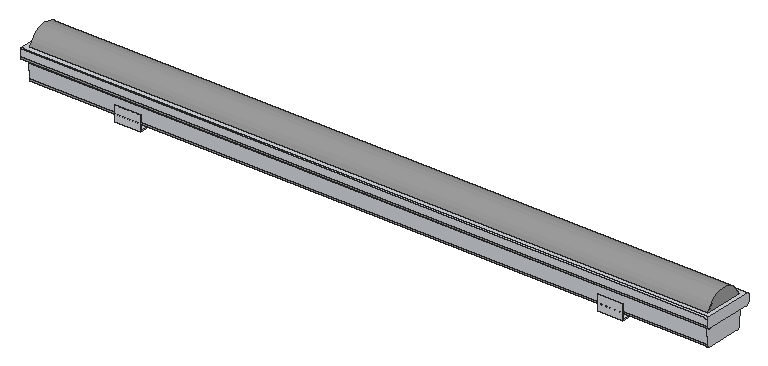
Revit family "0010233", category Lighting Fixtures, host Face, Revit 2017 (continued)
Types (60, lengths in mm): name | Weight | Wattage | TypeName | built-in parameter 1150134 | Photometric Web File | PowerFactor | PowerConsumption | NominalLength | Name | ModelReference | ModelNumber | Model | LuminousEfficacy | built-in parameter 1150105 | Lumens | LampNominalLuminous | LampMacAdamStep | LampColourTemperature | LENGHT_SYL | LENGHT_CHAMFER_SYL | LENGHT-_SYL | LENGHT-_CHAMFER_SYL | L0650_SYL | L1500_SYL | L1200_SYL | built-in parameter 1150107 | built-in parameter 1150106 | built-in parameter 1150104 | DocumentationLiterature | Description | BRACKET_WIDTH_SYL | BRACKET_DIST_SYL | Apparent Load
  0010215 RESISTO 1200 IP66 4800LM 840 QC | "1.61 kg" | 35 W | "Resisto  1200 IP66 4800lm 840 QC" | 12 | "0010215.ies" | 0.95 | "35 W" | 1212 | "Resisto  1200 IP66 4800lm 840 QC" | "Resisto  1200 IP66 4800lm 840 QC" | "0010215" | "Resisto  1200 IP66 4800lm 840 QC" | "137 lm/W" | 1583.6 (stored number, unit not read) | 4795 lm | "4800 lm" | "5" | "4000 K" | 592 | 600 | -592 | -600 | no | no | yes | 4000 (stored number, unit not read) | 15.836 (stored number, unit not read) | 12.728 (stored number, unit not read) | "http://www.sylvania-lighting.com/product/en-int/products/0010215" | "Resisto, integrated LED weatherproof luminaire, with UV stabilized flat diffuser designed to achieve uniform lit appearance, optimise light output and to reduce glare. 301 stainless steel diffuser clips and fixing brackets for surface mounting. Polycarbonate housing and diffuser - no yellow discolouration over time. 4800lm; 35W; 137lm/W; 4000K; SDCM<5; non dimmable; CRI80; IP66; IK08; Class I; 69,000hrs (L80B20) lifespan; 1200mm x 89mm x 88mm; D-mark; assembled with quick connector." | 400 | 444 | 35 VA
  0010214 RESISTO 1200 IP66 2800LM 840 QC | "1.57 kg" | 21 W | "Resisto  1200 IP66 2800lm 840 QC" | 12 | "0010214.ies" | 0.95 | "21 W" | 1212 | "Resisto  1200 IP66 2800lm 840 QC" | "Resisto  1200 IP66 2800lm 840 QC" | "0010214" | "Resisto  1200 IP66 2800lm 840 QC" | "133 lm/W" | 917.95 (stored number, unit not read) | 2793 lm | "2800 lm" | "5" | "4000 K" | 592 | 600 | -592 | -600 | no | no | yes | 4000 (stored number, unit not read) | 9.1795 (stored number, unit not read) | 12.356 (stored number, unit not read) | "http://www.sylvania-lighting.com/product/en-int/products/0010214" | "Resisto, integrated LED weatherproof luminaire, with UV stabilized flat diffuser designed to achieve uniform lit appearance, optimise light output and to reduce glare. 301 stainless steel diffuser clips and fixing brackets for surface mounting. Polycarbonate housing and diffuser - no yellow discolouration over time. 2800lm; 21W; 133lm/W; 4000K; SDCM<5; non dimmable; CRI80; IP66; IK08; Class I; 69,000hrs (L80B20) lifespan; 1200mm x 89mm x 88mm; D-mark; assembled with quick connector." | 400 | 444 | 21 VA
  0010213 RESISTO 1200 IP66 4800LM 865 | "1.54 kg" | 35 W | "Resisto  1200 IP66 4800lm 865" | 1 | "0010213.ies" | 0.95 | "35 W" | 1200 | "Resisto  1200 IP66 4800lm 865" | "Resisto  1200 IP66 4800lm 865" | "0010213" | "Resisto  1200 IP66 4800lm 865" | "137 lm/W" | 1583.6 (stored number, unit not read) | 4795 lm | "4800 lm" | "5" | "6500 K" | 592 | 600 | -592 | -600 | no | no | yes | 6500 (stored number, unit not read) | 15.836 (stored number, unit not read) | 12.728 (stored number, unit not read) | "http://www.sylvania-lighting.com/product/en-int/products/0010213" | "Resisto, integrated LED weatherproof luminaire, with UV stabilized flat diffuser designed to achieve uniform lit appearance, optimise light output and to reduce glare. 301 stainless steel diffuser clips and fixing brackets for surface mounting. Polycarbonate housing and diffuser - no yellow discolouration over time. 4800lm; 35W; 137lm/W; 6500K; SDCM<5; non dimmable; CRI80; IP66; IK08; Class I; 69,000hrs (L80B20) lifespan; 1200mm x 89mm x 88mm; D-mark." | 400 | 444 | 35 VA
  0010212 RESISTO 1200 IP66 2800LM 865 | "1.5 kg" | 21 W | "Resisto  1200 IP66 2800lm 865" | 1 | "0010212.ies" | 0.95 | "21 W" | 1200 | "Resisto  1200 IP66 2800lm 865" | "Resisto  1200 IP66 2800lm 865" | "0010212" | "Resisto  1200 IP66 2800lm 865" | "133 lm/W" | 917.95 (stored number, unit not read) | 2793 lm | "2800 lm" | "5" | "6500 K" | 592 | 600 | -592 | -600 | no | no | yes | 6500 (stored number, unit not read) | 9.1795 (stored number, unit not read) | 12.356 (stored number, unit not read) | "http://www.sylvania-lighting.com/product/en-int/products/0010212" | "Resisto, integrated LED weatherproof luminaire, with UV stabilized flat diffuser designed to achieve uniform lit appearance, optimise light output and to reduce glare. 301 stainless steel diffuser clips and fixing brackets for surface mounting. Polycarbonate housing and diffuser - no yellow discolouration over time. 2800lm; 21W; 133lm/W; 6500K; SDCM<5; non dimmable; CRI80; IP66; IK08; Class I; 69,000hrs (L80B20) lifespan; 1200mm x 89mm x 88mm; D-mark." | 400 | 444 | 21 VA
  0010211 RESISTO 1200 IP66 4800LM 840 | "11.88 kg" | 35 W | "Resisto  1200 IP66 4800lm 840" | 12 | "0010211.ies" | 0.95 | "35.0 W" | 1200 | "Resisto  1200 IP66 4800lm 840" | "Resisto  1200 IP66 4800lm 840" | "0010211" | "Resisto  1200 IP66 4800lm 840" | "137 lm/W" | -7601417.6 (stored number, unit not read) | 4795 lm | "4800 lm" | "5" | "4000 K" | 592 | 600 | -592 | -600 | no | no | yes | 4000 (stored number, unit not read) | -76014.2 (stored number, unit not read) | 12.728 (stored number, unit not read) | "http://www.sylvania-lighting.com/product/en-int/products/0010211" | "Resisto, integrated LED weatherproof luminaire, with UV stabilized flat diffuser designed to achieve uniform lit appearance, optimise light output and to reduce glare. 301 stainless steel diffuser clips and fixing brackets for surface mounting. Polycarbonate housing and diffuser - no yellow discolouration over time. 4800lm; 35W; 137lm/W; 4000K; SDCM<5; non dimmable; CRI80; IP66; IK08; Class I; 69,000hrs (L80B20) lifespan; 1200mm x 89mm x 88mm; D-mark." | 400 | 444 | 35 VA
  0010210 RESISTO 1200 IP66 2800LM 840 | "11.88 kg" | 21 W | "Resisto  1200 IP66 2800lm 840" | 12 | "0010210.ies" | 0.95 | "21.0 W" | 1200 | "Resisto  1200 IP66 2800lm 840" | "Resisto  1200 IP66 2800lm 840" | "0010210" | "Resisto  1200 IP66 2800lm 840" | "133 lm/W" | -2570258.2 (stored number, unit not read) | 2793 lm | "2800 lm" | "5" | "4000 K" | 592 | 600 | -592 | -600 | no | no | yes | 4000 (stored number, unit not read) | -25702.6 (stored number, unit not read) | 12.356 (stored number, unit not read) | "http://www.sylvania-lighting.com/product/en-int/products/0010210" | "Resisto, integrated LED weatherproof luminaire, with UV stabilized flat diffuser designed to achieve uniform lit appearance, optimise light output and to reduce glare. 301 stainless steel diffuser clips and fixing brackets for surface mounting. Polycarbonate housing and diffuser - no yellow discolouration over time. 2800lm; 21W; 133lm/W; 4000K; SDCM<5; non dimmable; CRI80; IP66; IK08; Class I; 69,000hrs (L80B20) lifespan; 1200mm x 89mm x 88mm; D-mark." | 400 | 444 | 21 VA
  0010209 RESISTO 1200 IP66 4800LM 830 | "1.54 kg" | 35 W | "Resisto  1200 IP66 4800lm 830" | (empty or 0) | "0010209.ies" | 0.95 | "35 W" | 1200 | "Resisto  1200 IP66 4800lm 830" | "Resisto  1200 IP66 4800lm 830" | "0010209" | "Resisto  1200 IP66 4800lm 830" | "137 lm/W" | 1583.6 (stored number, unit not read) | 4795 lm | "4800 lm" | "5" | "3000 K" | 592 | 600 | -592 | -600 | no | no | yes | 3000 (stored number, unit not read) | 15.836 (stored number, unit not read) | 12.728 (stored number, unit not read) | "http://www.sylvania-lighting.com/product/en-int/products/0010209" | "Resisto, integrated LED weatherproof luminaire, with UV stabilized flat diffuser designed to achieve uniform lit appearance, optimise light output and to reduce glare. 301 stainless steel diffuser clips and fixing brackets for surface mounting. Polycarbonate housing and diffuser - no yellow discolouration over time. 4800lm; 35W; 137lm/W; 3000K; SDCM<5; non dimmable; CRI80; IP66; IK08; Class I; 69,000hrs (L80B20) lifespan; 1200mm x 89mm x 88mm; D-mark." | 400 | 444 | 35 VA
  0010208 RESISTO 1200 IP66 2800LM 830 | "1.5 kg" | 21 W | "Resisto  1200 IP66 2800lm 830" | (empty or 0) | "0010208.ies" | 0.95 | "21 W" | 1200 | "Resisto  1200 IP66 2800lm 830" | "Resisto  1200 IP66 2800lm 830" | "0010208" | "Resisto  1200 IP66 2800lm 830" | "133 lm/W" | 917.95 (stored number, unit not read) | 2793 lm | "2800 lm" | "5" | "3000 K" | 592 | 600 | -592 | -600 | no | no | yes | 3000 (stored number, unit not read) | 9.1795 (stored number, unit not read) | 12.356 (stored number, unit not read) | "http://www.sylvania-lighting.com/product/en-int/products/0010208" | "Resisto, integrated LED weatherproof luminaire, with UV stabilized flat diffuser designed to achieve uniform lit appearance, optimise light output and to reduce glare. 301 stainless steel diffuser clips and fixing brackets for surface mounting. Polycarbonate housing and diffuser - no yellow discolouration over time. 2800lm; 21W; 133lm/W; 3000K; SDCM<5; non dimmable; CRI80; IP66; IK08; Class I; 69,000hrs (L80B20) lifespan; 1200mm x 89mm x 88mm; D-mark." | 400 | 444 | 21 VA
  0010207 RESISTO 600 HE IP66 2500LM 840 | "0.96 kg" | 16 W | "Resisto  600 HE IP66 2500lm 840" | 12 | "0010207.ies" | 0.95 | "16 W" | 650 | "Resisto  600 HE IP66 2500lm 840" | "Resisto  600 HE IP66 2500lm 840" | "0010207" | "Resisto  600 HE IP66 2500lm 840" | "156 lm/W" | 829.02 (stored number, unit not read) | 2496 lm | "2500 lm" | "3" | "4000 K" | 317 | 325 | -317 | -325 | yes | no | no | 4000 (stored number, unit not read) | 8.2902 (stored number, unit not read) | 14.493 (stored number, unit not read) | "http://www.sylvania-lighting.com/product/en-int/products/0010207" | "Resisto, integrated LED weatherproof luminaire, with UV stabilized flat diffuser designed to achieve uniform lit appearance, optimise light output and to reduce glare. 301 stainless steel diffuser clips and fixing brackets for surface mounting. Polycarbonate housing and diffuser - no yellow discolouration over time. 2500lm; 16W; 156lm/W; 4000K; SDCM<3; non dimmable; CRI80; IP66; IK08; Class I; 69,000hrs (L80B20) lifespan; 650mm x 89mm x 88mm; D-mark." | 125 | 169 | 16 VA
  0010206 RESISTO 600 HE IP66 1400LM 840 | "0.88 kg" | 10 W | "Resisto  600 HE IP66 1400lm 840" | 12 | "0010206.ies" | 0.9 | "10 W" | 650 | "Resisto  600 HE IP66 1400lm 840" | "Resisto  600 HE IP66 1400lm 840" | "0010206" | "Resisto  600 HE IP66 1400lm 840" | "140 lm/W" | 479.25 (stored number, unit not read) | 1400 lm | "1400 lm" | "3" | "4000 K" | 317 | 325 | -317 | -325 | yes | no | no | 4000 (stored number, unit not read) | 4.7925 (stored number, unit not read) | 13.006 (stored number, unit not read) | "http://www.sylvania-lighting.com/product/en-int/products/0010206" | "Resisto, integrated LED weatherproof luminaire, with UV stabilized flat diffuser designed to achieve uniform lit appearance, optimise light output and to reduce glare. 301 stainless steel diffuser clips and fixing brackets for surface mounting. Polycarbonate housing and diffuser - no yellow discolouration over time. 1400lm; 10W; 140lm/W; 4000K; SDCM<3; non dimmable; CRI80; IP66; IK08; Class I; 69,000hrs (L80B20) lifespan; 650mm x 89mm x 88mm; D-mark." | 125 | 169 | 10 VA
  0010205 RESISTO 600 IP66 2500LM 865 | "0.88 kg" | 19 W | "Resisto  600 IP66 2500lm 865" | 1 | "0010205.ies" | 1 | "19 W" | 650 | "Resisto  600 IP66 2500lm 865" | "Resisto  600 IP66 2500lm 865" | "0010205" | "Resisto  600 IP66 2500lm 865" | "132 lm/W" | 833.01 (stored number, unit not read) | 2508 lm | "2500 lm" | "5" | "6500 K" | 317 | 325 | -317 | -325 | yes | no | no | 6500 (stored number, unit not read) | 8.3301 (stored number, unit not read) | 12.263 (stored number, unit not read) | "http://www.sylvania-lighting.com/product/en-int/products/0010205" | "Resisto, integrated LED weatherproof luminaire, with UV stabilized flat diffuser designed to achieve uniform lit appearance, optimise light output and to reduce glare. 301 stainless steel diffuser clips and fixing brackets for surface mounting. Polycarbonate housing and diffuser - no yellow discolouration over time. 2500lm; 19W; 132lm/W; 6500K; SDCM<5; non dimmable; CRI80; IP66; IK08; Class I; 69,000hrs (L80B20) lifespan; 650mm x 89mm x 88mm; D-mark." | 125 | 169 | 19 VA
  0010204 RESISTO 600 IP66 1600LM 865 | "0.88 kg" | 12 W | "Resisto  600 IP66 1600lm 865" | 1 | "0010204.ies" | 0.9 | "12 W" | 650 | "Resisto  600 IP66 1600lm 865" | "Resisto  600 IP66 1600lm 865" | "0010204" | "Resisto  600 IP66 1600lm 865" | "133 lm/W" | 546.34 (stored number, unit not read) | 1596 lm | "1600 lm" | "5" | "6500 K" | 317 | 325 | -317 | -325 | yes | no | no | 6500 (stored number, unit not read) | 5.4634 (stored number, unit not read) | 12.356 (stored number, unit not read) | "http://www.sylvania-lighting.com/product/en-int/products/0010204" | "Resisto, integrated LED weatherproof luminaire, with UV stabilized flat diffuser designed to achieve uniform lit appearance, optimise light output and to reduce glare. 301 stainless steel diffuser clips and fixing brackets for surface mounting. Polycarbonate housing and diffuser - no yellow discolouration over time. 1600lm; 12W; 133lm/W; 6500K; SDCM<5; non dimmable; CRI80; IP66; IK08; Class I; 69,000hrs (L80B20) lifespan; 650mm x 89mm x 88mm; D-mark." | 125 | 169 | 12 VA
  0010203 RESISTO 600 IP66 2500LM 840 | "10.2 kg" | 19 W | "Resisto  600 IP66 2500lm 840" | 12 | "0010203.ies" | 0.95 | "19.0 W" | 650 | "Resisto  600 IP66 2500lm 840" | "Resisto  600 IP66 2500lm 840" | "0010203" | "Resisto  600 IP66 2500lm 840" | "132 lm/W" | -2082492.7 (stored number, unit not read) | 2508 lm | "2500 lm" | "5" | "4000 K" | 317 | 325 | -317 | -325 | yes | no | no | 4000 (stored number, unit not read) | -20824.9 (stored number, unit not read) | 12.263 (stored number, unit not read) | "http://www.sylvania-lighting.com/product/en-int/products/0010203" | "Resisto, integrated LED weatherproof luminaire, with UV stabilized flat diffuser designed to achieve uniform lit appearance, optimise light output and to reduce glare. 301 stainless steel diffuser clips and fixing brackets for surface mounting. Polycarbonate housing and diffuser - no yellow discolouration over time. 2500lm; 19W; 132lm/W; 4000K; SDCM<5; non dimmable; CRI80; IP66; IK08; Class I; 69,000hrs (L80B20) lifespan; 650mm x 89mm x 88mm; D-mark." | 125 | 169 | 19 VA
  0010202 RESISTO 600 IP66 1600LM 840 | "10.2 kg" | 12 W | "Resisto  600 IP66 1600lm 840" | 12 | "0010202.ies" | 0.9 | "12.0 W" | 650 | "Resisto  600 IP66 1600lm 840" | "Resisto  600 IP66 1600lm 840" | "0010202" | "Resisto  600 IP66 1600lm 840" | "133 lm/W" | -874129.2 (stored number, unit not read) | 1596 lm | "1600 lm" | "5" | "4000 K" | 317 | 325 | -317 | -325 | yes | no | no | 4000 (stored number, unit not read) | -8741.3 (stored number, unit not read) | 12.356 (stored number, unit not read) | "http://www.sylvania-lighting.com/product/en-int/products/0010202" | "Resisto, integrated LED weatherproof luminaire, with UV stabilized flat diffuser designed to achieve uniform lit appearance, optimise light output and to reduce glare. 301 stainless steel diffuser clips and fixing brackets for surface mounting. Polycarbonate housing and diffuser - no yellow discolouration over time. 1600lm; 12W; 133lm/W; 4000K; SDCM<5; non dimmable; CRI80; IP66; IK08; Class I; 69,000hrs (L80B20) lifespan; 650mm x 89mm x 88mm; D-mark." | 125 | 169 | 12 VA
  0010279 RESISTO 1500 HE IP66 DALI 8300LM 840 | "2.01 kg" | 54 W | "Resisto 1500 HE IP66 DALI 8300lm 840" | 12 | "0010279.ies" | 0.99 | "54 W" | 1500 | "Resisto 1500 HE IP66 DALI 8300lm 840" | "Resisto 1500 HE IP66 DALI 8300lm 840" | "0010279" | "Resisto 1500 HE IP66 DALI 8300lm 840" | "154 lm/W" | 2773 (stored number, unit not read) | 8316 lm | "8300 lm" | "3" | "4000 K" | 742 | 750 | -742 | -750 | no | yes | no | 4000 (stored number, unit not read) | 27.73 (stored number, unit not read) | 14.307 (stored number, unit not read) | "http://www.sylvania-lighting.com/product/en-int/products/0010279" | "Resisto, integrated LED weatherproof luminaire, with UV stabilized flat diffuser designed to achieve uniform lit appearance, optimise light output and to reduce glare. 301 stainless steel diffuser clips and fixing brackets for surface mounting. Polycarbonate housing and diffuser - no yellow discolouration over time. 8300lm; 54W; 154lm/W; 4000K; SDCM<3; DALI dimmable; CRI80; IP66; IK08; Class I; 69,000hrs (L80B20) lifespan; 1500mm x 89mm x 88mm; D-mark." | 550 | 594 | 54 VA
